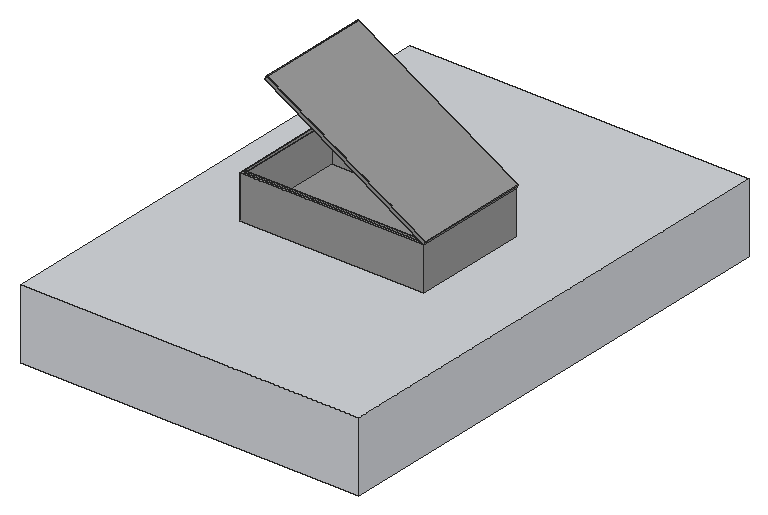
Revit family "Hager-Univers-IP54-D205-H500-Cl.I-Encl-CH-it", category Equipement électrique, Revit 2020
Family settings
  Hôte = Face
  Configuration du panneau = Deux colonnes, circuits au sein
  Cote de connecteur circulaire = Utiliser le diamètre
  Type d'élément = Tableau de raccordement
  Couper avec des vides une fois chargée = Non
  Partagée = Non
  Point de calcul de pièce = Non
Parameters (values of type "A parete IP54 L800 A500 P205  - FP33TW2")
  Width Control [instance] = if([EF000008 - Larghezza] > Min Width, [EF000008 - Larghezza], Min Width)  # 800 mm
  Commentaires du type = [HG000003 - Gamma]  # "Univers"
  Thickness Door [instance] = if([EF009171 - spessore materiale porta/coperchio] > 3 mm, 3 mm, [EF009171 - spessore materiale porta/coperchio])  # 1 mm
  Seal Frame Offset [instance] = 17 mm  # constant formula
  Plinth Visibility [instance] = [HG000027 - Altezza dello zoccolo] > 0 mm  # no
  Model = ""
  Min Width [instance] = 100 mm  # constant formula
  Min Height [instance] = 100 mm  # constant formula
  Min Depth [instance] = (2 * [EF009170 - spessore materiale scatola]) + 1 mm  # 3 mm
  Internal Frame Depth [instance] = (Door System Depth * 0.5)  # 9 mm
  Height Control [instance] = if([EF000040 - Altezza] > Min Height, [EF000040 - Altezza], Min Height)  # 500 mm
  HG000027 - Altezza dello zoccolo = 0 mm
  HG000026 - A pavimento = no
  HG000024 - Altezza della sezione inferiore = 800 mm
  HG000023 - Custodia a doppia sezione = no
  HG000016 - Visibilità delle porte nella vista 3D [instance] = yes
  HG000015 - Visibilità attraverso la porta [instance] = no
  HG000014 - Porta destra [instance] = yes
  HG000013 - Porta sinistra [instance] = not([HG000014 - Porta destra])  # no
  HG000012 - Angolo di apertura della porta [instance] = 30.00°
  HG000010 - Porte asimmetriche = no
  HG000009 - Porta doppia a battente = no
  HG000006 - Ad incasso = no
  HG000004 - Codice produttore = "FP33TW2"
  HG000003 - Gamma = "Univers"
  HG000002 - Con porta = yes
  Frame Offset Bottom [instance] = 10 mm  # constant formula
  Frame Offset [instance] = 15 mm  # constant formula
  EF015940 - Coprire con rilascio di sovrapressione = no
  EF011959 - tipo di protezione (NEMA) = ""
  EF009554 - numero delle aperture per la piastra della flangia = 6
  Fabricant = "Hager"  # constant formula
  EF009212 - esecuzione coperchio = "EV000116 - chiuso"
  EF009171 - spessore materiale porta/coperchio = 1 mm
  EF009170 - spessore materiale scatola = 1 mm
  EF008873 - corrente nominale (In) = 250 A
  EF007800 - adatto per parafulmine = no
  EF006306 - con serratura = no
  EF006244 - coperchio/porta trasparente = no
  EF005474 - grado di protezione (IP) = "EV006419 - IP54"
  EF004464 - tipo di porta = "EV002646 - singolo"
  EF004427 - numero di moduli = 108
  EF004293 - resistenza agli urti = "EV006815 - IK09"
  EF003532 - adatto per uso esterno = no
  EF002950 - Numero moduli DIN = 36
  EF001613 - Integrità del circuito = "EV000494 - senza"
  EF001596 - Attacco Lampada = "EV000179 - acciaio"
  EF001131 - profondità interna = 205 mm
  EF001088 - possibilità di applicazione = yes
  EF000437 - numero di ingressi per conduttori = 6
  EF000339 - tipo di copertura = "EV001012 - coperchio"
  EF000266 - numero di file = 3
  EF000218 - profondità di incasso = 205 mm
  EF000118 - con piastra di montaggio = no
  EF000116 - numero RAL = "9010"
  EF000049 - profondità = 205 mm
  EF000040 - Altezza = 500 mm
  EF000008 - Larghezza = 800 mm
  EF000007 - colore = "EV000202 - bianco"
  EF000003 - Tipo di montaggio = "EV000384 - A parete"
  Door System Leaf Tolerance [instance] = 1.5 mm  # constant formula
  Door System Depth [instance] = 18 mm  # constant formula
  Door Height [instance] = Height Control - [HG000027 - Altezza dello zoccolo]  # 500 mm
  Depth Control [instance] = if([EF000049 - profondità] > Min Depth, [EF000049 - profondità], Min Depth)  # 205 mm
  Default Elevation = 0 mm
  Connector Offset [instance] = Height Control / 2  # 250 mm
  Bottom Top Plate Trim [instance] = 1.5 mm  # constant formula
  Plinth height Ctrl [instance] = if([HG000027 - Altezza dello zoccolo] > 0 mm, [HG000027 - Altezza dello zoccolo], 12 mm)  # 12 mm
Types (5, lengths in mm): name | Width Control | HG000004 - Codice produttore | EF009554 - numero delle aperture per la piastra della flangia | EF004464 - tipo di porta | EF004427 - numero di moduli | EF002950 - Numero moduli DIN | EF000437 - numero di ingressi per conduttori | EF000008 - Larghezza
  A parete IP54 L1050 A500 P205  - FP34TW2 | 1050 | "FP34TW2" | 8 | "EV003602 - doppio" | 144 | 48 | 8 | 1050
  A parete IP54 L1300 A500 P205  - FP35TW2 | 1300 | "FP35TW2" | 10 | "EV003602 - doppio" | 180 | 60 | 10 | 1300
  A parete IP54 L300 A500 P205  - FP31TW2 | 300 | "FP31TW2" | 2 | "EV002646 - singolo" | 36 | 12 | 2 | 300
  A parete IP54 L550 A500 P205  - FP32TW2 | 550 | "FP32TW2" | 4 | "EV002646 - singolo" | 72 | 24 | 4 | 550
  A parete IP54 L800 A500 P205  - FP33TW2 | 800 | "FP33TW2" | 6 | "EV002646 - singolo" | 108 | 36 | 6 | 800
Reference planes
  plane 1 "Center (Front/Back)": y = 0
  plane 2: z = 0
  plane 3 "Center (Left/Right)": x = 0
  plane 4: z = 205
  plane 5: y = 1
  plane 6: y = 250
  plane 7: y = 0
  plane 8: y = 500
  plane 9: z = 0
  plane 10: x = -385
  plane 11: x = 385
  plane 12: x = 384
  plane 13: x = -384
  plane 14: y = 499
  plane 15: x = -383
  plane 16: x = -400
  plane 17: x = 383
  plane 18: x = 400
  plane 19: x = 399
  plane 20: x = -399
  plane 21: y = 11
  plane 22: y = 500
  plane 23: y = 484
  plane 24: z = 187
  plane 25: z = 1
  plane 26: z = 186
  plane 27: z = 204
Forms (mm)
  Extrusion 1, solid
    sketch origin (0, 0, 0) x (1, 0, 0) y (0, 1, 0)
      loop
        line (-702.964, 1305) -> (-702.964, -811.445) -> (766.763, -811.445) -> (766.763, 1305) -> (-702.964, 1305)
    from 0 to -304.8
  Extrusion 2, solid, material "Hager_Steel_RAL7035_Light_Grey", visible <- "Plinth Visibility", detail levels medium+fine
    sketch origin (0, 0, 0) x (1, 0, 0) y (0, 1, 0)
      loop
        line (-400, 0) -> (400, 0) -> (400, 12) -> (-400, 12) -> (-400, 0)
    from 0 to 187
  Extrusion 3, solid, material "Hager_Steel_RAL7035_Light_Grey", detail levels medium+fine
    sketch origin (0, 0, 0) x (1, 0, 0) y (0, 1, 0)
      loop
        line (-400, 0) -> (400, 0) -> (400, 500) -> (-400, 500) -> (-400, 0)
    from 0 to 187
  Extrusion 4, void
    sketch origin (0, 0, 0) x (1, 0, 0) y (0, 1, 0)
      loop
        line (-399, 1) -> (399, 1) -> (399, 499) -> (-399, 499) -> (-399, 1)
    from 1 to 186
  Extrusion 5, void
    sketch origin (-381.607, -4572, 187) x (0, -1, 0) y (-1, 0, 0)
      loop
        line (-4583, 2.393) -> (-5056, 2.393) -> (-5056, -765.607) -> (-4583, -765.607) -> (-4583, 2.393)
    from 0 to 1 <- "EF009170 - spessore materiale scatola"
  Extrusion 6, solid, material "Hager_Steel_RAL7035_Light_Grey", detail levels fine
    sketch origin (0, 0, 187) x (1, 0, 0) y (0, 1, 0)
      loop
        line (-384, 484) -> (-384, 11) -> (384, 11) -> (384, 484) -> (-384, 484)
      loop
        line (-385, 10) -> (385, 10) -> (385, 485) -> (-385, 485) -> (-385, 10)
    from 0 to 9 <- "Internal Frame Depth"
  Extrusion 7, solid, material "Hager_Steel_RAL7035_Light_Grey", detail levels coarse
    sketch origin (0, 0, 0) x (1, 0, 0) y (0, 1, 0)
      loop
        line (-400, 0) -> (400, 0) -> (400, 500) -> (-400, 500) -> (-400, 0)
    from 0 to 205
  Sweep 8, void
    path in 3D
      loop
        line (-400, 12, 0) -> (400, 12, 0) -> (400, 12, 187) -> (-400, 12, 187) -> (-400, 12, 0)
    profile origin (-400, 12, 93.5) x (-1, 0, 0) y (0, -1, 0)
      loop
        line (0, 0) -> (0, 1.5) -> (-1.5, 1.5)
        arc (-1.5, 1.5) -> (-1.061, 0.439) -> (0, 0) r 1.5
Cuts and joins
  Extrusion 4, Extrusion 5 cuts Extrusion 3
  Sweep 8 cuts Extrusion 2
Lines and regions (mm)
  Masking region 1
    outline origin (0, 0, 0) x (1, 0, 0) y (0, 0, 1)
      loop
        line (-400, 205) -> (-400, 0) -> (400, 0) -> (400, 205) -> (-400, 205)
  Masking region 2, detail levels medium+fine
    outline origin (0, 140, 0) x (0, 1, 0) y (0, 0, 1)
      loop
        line (-140, 0) -> (360, 0) -> (360, 187) -> (-140, 187) -> (-140, 0)
  Masking region 3, not visible, detail levels medium+fine
    outline origin (0, 297.922, 0) x (0, 1, 0) y (0, 0, 1)
      loop
        line (-36.422, 0) -> (3.578, 0) -> (3.578, 194)
        arc (3.578, 194) -> (0.649, 201.071) -> (-6.422, 204) r 10
        line (-6.422, 204) -> (-36.422, 204) -> (-36.422, 0)
  Masking region 4, detail levels coarse
    outline origin (0, 0, 180) x (0, 1, 0) y (0, 0, 1)
      loop
        line (0, -180) -> (500, -180) -> (500, 25) -> (0, 25) -> (0, -180)
  Masking region 5, visible <- "Plinth Visibility", detail levels medium+fine
    outline origin (0, 52.24, 12.345) x (0, 0, -1) y (0, 1, 0)
      loop
        line (10.845, -40.24) -> (-173.155, -40.24)
        arc (-173.155, -40.24) -> (-173.594, -41.301) -> (-174.655, -41.74) r 1.5
        line (-174.655, -41.74) -> (-174.655, -52.24) -> (12.345, -52.24) -> (12.345, -41.74)
        arc (12.345, -41.74) -> (11.285, -41.301) -> (10.845, -40.24) r 1.5
  Masking region 6, detail levels medium+fine
    outline origin (-381.607, -4572, 187) x (-1, 0, 0) y (0, -1, 0)
      loop
        line (18.393, -5072) -> (18.393, -4572) -> (-781.607, -4572) -> (-781.607, -5072) -> (18.393, -5072)
  Masking region 7, visible <- "Plinth Visibility", detail levels medium+fine
    outline origin (-381.607, -4727, 187) x (-1, 0, 0) y (0, -1, 0)
      loop
        arc (16.893, -4739) -> (17.332, -4737.939) -> (18.393, -4737.5) r 1.5
        line (18.393, -4737.5) -> (18.393, -4727) -> (-781.607, -4727) -> (-781.607, -4737.5)
        arc (-781.607, -4737.5) -> (-780.546, -4737.939) -> (-780.107, -4739) r 1.5
        line (-780.107, -4739) -> (16.893, -4739)
  Masking region 8, detail levels coarse
    outline origin (-442.548, -4669.526, 187) x (-1, 0, 0) y (0, -1, 0)
      loop
        line (-42.548, -5169.526) -> (-42.548, -4669.526) -> (-842.548, -4669.526) -> (-842.548, -5169.526) -> (-42.548, -5169.526)
  sketch lines
    curve 1: line (-400, 12, 187) -> (-400, 12, 0)
    curve 2: line (400, 12, 187) -> (-400, 12, 187)
    curve 3: line (400, 12, 187) -> (400, 12, 0)
    curve 4: line (-400, 12, 0) -> (400, 12, 0)
Dimensions and locks
  "Depth Control": plane 4 to Extrusion 1
  "HG000027 - Altezza dello zoccolo": plane 1 "Center (Front/Back)" to plane 7
  "EF009170 - spessore materiale scatola": plane 5 to plane 7
  locked: connector elem to plane 3 "Center (Left/Right)"
  equal spacing: plane 8, plane 6, plane 7
  locked: connector elem to plane 6
  "EF009170 - spessore materiale scatola": plane 8 to plane 14
  "EF009170 - spessore materiale scatola": plane 10 to plane 13
  "EF009170 - spessore materiale scatola": plane 12 to plane 11
  "Frame Offset": plane 20 to plane 13
  "Frame Offset": plane 12 to plane 19
  "EF009170 - spessore materiale scatola": plane 16 to plane 20
  "EF009170 - spessore materiale scatola": plane 19 to plane 18
  "Seal Frame Offset": plane 16 to plane 15
  "Seal Frame Offset": plane 17 to plane 18
  "Frame Offset Bottom": plane 21 to plane 5
  "Frame Offset": plane 14 to plane 23
  equal spacing: plane 16, plane 3 "Center (Left/Right)", plane 18
  "Width Control": plane 16 to plane 18
  "EF009170 - spessore materiale scatola": plane 4 to plane 27
  "EF009170 - spessore materiale scatola": plane 24 to plane 26
  "EF009170 - spessore materiale scatola": plane 25 to level
  "Door System Depth": plane 4 to plane 24
  "Height Control": plane 1 "Center (Front/Back)" to Extrusion 7 sketch curve
  "Height Control": Masking region 4 sketch curve to plane 1 "Center (Front/Back)"
  "Height Control": plane 1 "Center (Front/Back)" to plane 22
  "Bottom Top Plate Trim": profile plane to Sweep 8 sketch curve
  "Bottom Top Plate Trim": Sweep 8 sketch curve to profile plane
  "Plinth height Ctrl": plane 1 "Center (Front/Back)" to Extrusion 2 sketch curve
  "Plinth height Ctrl": Masking region 5 sketch curve to plane 1 "Center (Front/Back)"
  "Plinth height Ctrl": plane 1 "Center (Front/Back)" to Masking region 7 sketch curve
  "Thickness Door": Extrusion 6 sketch curve to Extrusion 6 sketch curve  (x3)
  "Thickness Door": cut or joined group of Extrusion 3, Extrusion 4, Extrusion 5 to Extrusion 6 sketch curve
  radius of Masking region 3 sketch curve = 10 mm
  "Bottom Top Plate Trim": radius of Masking region 5 sketch curve  (x2)
  "Bottom Top Plate Trim": radius of Sweep 8 sketch curve
  "Bottom Top Plate Trim": radius of Masking region 7 sketch curve  (x2)
  aligned and locked: plane 2 to Extrusion 1
  aligned and locked: level to Extrusion 1
  aligned and locked: level to Masking region 1 sketch curve
  aligned and locked: Masking region 1 sketch curve to plane 18
  aligned and locked: Masking region 1 sketch curve to plane 16
  aligned and locked: plane 7 to Masking region 2 sketch curve
  aligned and locked: level to Masking region 3 sketch curve
  aligned and locked: Masking region 3 sketch curve to plane 27
  aligned and locked: level to Masking region 2 sketch curve
  aligned and locked: plane 1 "Center (Front/Back)" to Extrusion 2 sketch curve
  aligned and locked: Extrusion 3 sketch curve to plane 7
  aligned and locked: plane 16 to Extrusion 3 sketch curve
  aligned and locked: plane 18 to Extrusion 3 sketch curve
  aligned and locked: plane 20 to Extrusion 4 sketch curve
  aligned and locked: plane 19 to Extrusion 4 sketch curve
  aligned and locked: Extrusion 4 sketch curve to plane 5
  aligned and locked: Extrusion 4 to plane 25
  aligned and locked: plane 26 to Extrusion 4
  aligned and locked: plane 24 to Extrusion 3
  aligned and locked: Extrusion 5 sketch curve to plane 21
  aligned and locked: Extrusion 5 sketch curve to plane 13
  aligned and locked: Extrusion 5 sketch curve to plane 12
  aligned and locked: plane 18 to Extrusion 7 sketch curve
  aligned and locked: plane 1 "Center (Front/Back)" to Extrusion 7 sketch curve
  aligned and locked: plane 16 to Extrusion 7 sketch curve
  aligned and locked: plane 4 to Extrusion 7
  aligned and locked: Extrusion 7 to level
  aligned and locked: level to Masking region 4 sketch curve
  aligned and locked: Masking region 4 sketch curve to plane 1 "Center (Front/Back)"
  aligned and locked: Masking region 4 sketch curve to plane 4
  aligned and locked: nested 1 to level
  aligned and locked: nested 1 to plane 16
  aligned and locked: plane 8 to Extrusion 3 sketch curve
  aligned and locked: plane 23 to Extrusion 5 sketch curve
  aligned and locked: plane 14 to Extrusion 4 sketch curve
  aligned and locked: Masking region 2 sketch curve to plane 8
  aligned and locked: level to Masking region 5 sketch curve
  aligned and locked: plane 16 to Extrusion 2 sketch curve
  aligned and locked: plane 18 to Extrusion 2 sketch curve
  aligned and locked: Masking region 5 sketch curve to plane 24
  aligned and locked: Masking region 2 sketch curve to plane 24
  aligned and locked: plane 24 to Extrusion 2
  aligned and locked: profile plane to Sweep 8 sketch curve  (x2)
  aligned and locked: Masking region 6 sketch curve to plane 18
  aligned and locked: Masking region 6 sketch curve to plane 22
  aligned and locked: Masking region 6 sketch curve to plane 16
  aligned and locked: plane 8 to plane 22
  aligned and locked: Masking region 6 sketch curve to plane 7
  aligned and locked: Masking region 7 sketch curve to plane 16
  aligned and locked: Masking region 7 sketch curve to plane 1 "Center (Front/Back)"
  aligned and locked: Masking region 7 sketch curve to plane 18
  aligned and locked: Masking region 8 sketch curve to plane 1 "Center (Front/Back)"
  aligned and locked: Masking region 8 sketch curve to plane 18
  aligned and locked: Masking region 8 sketch curve to plane 22
  aligned and locked: Masking region 8 sketch curve to plane 16
  aligned and locked: nested 2 to plane 7
  aligned and locked: plane 3 "Center (Left/Right)" to nested 2
  aligned and locked: nested 2 to plane 24
  aligned and locked: Extrusion 6 sketch curve to cut or joined group of Extrusion 3, Extrusion 4, Extrusion 5  (x4)
Automatic sketch dimensions
  Extrusion 1 sketch curve to Extrusion 1 sketch curve = 1469.727 mm
  Extrusion 1 sketch curve to Extrusion 1 sketch curve = 2116.445 mm
  Masking region 1 sketch curve to plane 4 = 0 mm
  plane 6 to Masking region 3 sketch curve = 11.5 mm
  Masking region 3 sketch curve to Masking region 3 sketch curve = 30 mm
  Masking region 5 sketch curve to plane 1 "Center (Front/Back)" = 0 mm
Nested families
  nested 1: "Hager_Enclosure_Symbol" at (-400, 0, 0) x (1, 0, 0) z (0, -1, 0), Height <- "Depth Control", Width <- "Width Control", type "Hager_Enclosure_Symbol"
    with Width_Ctrl 800 mm, Width 800 mm, Height_Ctrl 205 mm, Height 205 mm, A_Width_Int 13.453 mm, A_Width 161.438 mm, A_Height_Ctrl 179.375 mm, A_Height 179.375 mm
  nested 2: "EC000058_Univers_Door" at (0, 0, 187) x (1, 0, 0) z (0, 1, 0), Leaf_Tolerance <- "Door System Leaf Tolerance", Angle <- "HG000012 - Angolo di apertura della porta", Door_Depth <- "Door System Depth", Door_Left <- "HG000013 - Porta sinistra", Transparent <- "EF006244 - coperchio/porta trasparente", Assymetrical <- "HG000010 - Porte asimmetriche", Width <- "Width Control", Clearance <- "HG000015 - Visibilità attraverso la porta", Double <- "HG000009 - Porta doppia a battente", 3d_Door <- "HG000016 - Visibilità delle porte nella vista 3D", Lock_Visibility <- "EF006306 - con serratura", Width_Ctrl <- "Width Control", Door_Right <- "HG000014 - Porta destra", Door <- "HG000002 - Con porta", Height <- "Door Height", Thickness <- "Thickness Door", type "EC000058_Univers_Door", detail levels medium+fine
    with min_wh 3 mm, Width_Ctrl 800 mm, Width 800 mm, Transparent no, Thickness 1 mm, Seal_Material Hager_Rubber, Lock_Visibility no, Lock_Material Hager_Plastic_RAL9005_Jet_Black, Leaf_Width 800 mm, Leaf_Tolerance_External_Sides 0 mm, Leaf_Tolerance 1.5 mm, Leaf_Offset 0 mm, Leaf_Height 497 mm, Leaf_2_Width 800 mm, Leaf_2_Offset 400 mm, Leaf_1_Width 800 mm, Leaf_1_Offset 400 mm, Height_Ctrl 500 mm, Height 500 mm, Glass_Material Hager_Glass, Double_Clearance_Ctrl no, Double no, Door_Right_Ctrl yes, Door_Right yes, Door_Material Hager_Steel_RAL7035_Light_Grey, Door_Left_Ctrl no, Door_Left no, Door_Depth 18 mm, Door yes, Clearance_Material Hager_Clearance, Clearance_Depth 800 mm, Clearance_Ctrl no, Clearance no, Assymetrical no, Angle 30.00°, 3d_Door yes
Connectors
  electrical at (0, 250, 0)
    settings: on plane 9, index 1, voltage 0 V, apparent load 0 VA, apparent load phase1 0 VA, apparent load phase2 0 VA, apparent load phase3 0 VA, power factor 1, load classification "Other", number of poles 1, system type 30, power factor state 1, is connector primary yes, connector utility no, sub classification motor no, connector description ""
Definition of nested family "EC000058_Univers_Door"
  Parameters (values of type "EC000058_Univers_Door")
    min_wh [instance] = (2 * Thickness) + 1 mm  # 11 mm
    Width_Ctrl [instance] = 400 mm
    Width [instance] = 500 mm
    Transparent [instance] = yes
    Thickness [instance] = 5 mm
    Seal_Material [instance] = none
    Lock_Visibility [instance] = yes
    Lock_Material [instance] = none
    Leaf_Width [instance] = if((Width_Ctrl - 2 * Leaf_Tolerance_External_Sides) > 0 mm, (Width_Ctrl - 2 * Leaf_Tolerance_External_Sides), min_wh)  # 400 mm
    Leaf_Tolerance_External_Sides [instance] = 0 mm  # constant formula
    Leaf_Tolerance [instance] = 1.5 mm
    Leaf_Offset [instance] = 0 mm  # constant formula
    Leaf_Height [instance] = if((Height_Ctrl - 2 * Leaf_Tolerance) > 0 mm, (Height_Ctrl - 2 * Leaf_Tolerance), min_wh)  # 497 mm
    Leaf_2_Width [instance] = if(and(and(Double, Assymetrical), Door_Left), (Leaf_Width / 3) - (Leaf_Tolerance / 2), if(and(and(Double, Assymetrical), Door_Right), (Leaf_Width / 3) * 2 - (Leaf_Tolerance / 2), if(and(Double, not(Assymetrical)), (Leaf_Width / 2) - Leaf_Tolerance, Leaf_Width)))  # 400 mm
    Leaf_2_Offset [instance] = if(and(Double, Assymetrical), Leaf_2_Width / 2, if(and(Double, not(Assymetrical)), Leaf_Width / 4, Leaf_Width / 2))  # 200 mm
    Leaf_1_Width [instance] = if(and(and(Double, Assymetrical), Door_Right), (Leaf_Width / 3) - (Leaf_Tolerance / 2), if(and(and(Double, Assymetrical), Door_Left), (Width / 3) * 2 - (Leaf_Tolerance / 2), if(and(Double, not(Assymetrical)), (Leaf_Width / 2) - Leaf_Tolerance, Leaf_Width)))  # 400 mm
    Leaf_1_Offset [instance] = if(and(Double, Assymetrical), Leaf_1_Width / 2, if(and(Double, not(Assymetrical)), Leaf_Width / 4, Leaf_Width / 2))  # 200 mm
    Height_Ctrl [instance] = if(Height > min_wh, Height, min_wh)  # 500 mm
    Height [instance] = 500 mm
    Glass_Material [instance] = none
    Double_Clearance_Ctrl [instance] = and(Double, Clearance)  # no
    Double [instance] = no
    Door_Right_Ctrl [instance] = and(or(Door_Right, Double), Door)  # yes
    Door_Right [instance] = yes
    Door_Material [instance] = none
    Door_Left_Ctrl [instance] = and(or(Door_Left, Double), Door)  # no
    Door_Left [instance] = no
    Door_Depth [instance] = 30 mm
    Door [instance] = yes
    Default Elevation = 1219.2 mm
    Clearance_Material [instance] = none
    Clearance_Depth [instance] = if(Leaf_1_Width > Leaf_2_Width, Leaf_1_Width, Leaf_2_Width)  # 400 mm
    Clearance_Ctrl [instance] = and(not(Double), Clearance)  # yes
    Clearance [instance] = yes
    Assymetrical [instance] = yes
    Angle [instance] = 30.00°
    3d_Door [instance] = yes
  Reference planes
    plane 1 "Center (Front/Back)": y = 0
    plane 2 "Bottom": z = 0
    plane 3 "Center (Left/Right)": x = 0
    plane 4: z = 500
    plane 5: x = -200
    plane 6: x = 200
    plane 7: z = 500
    plane 8: x = -200
    plane 9: z = 0
    plane 10: x = 200
    plane 11: y = 0
    plane 12: z = 1.5
    plane 13: x = -600
    plane 14: y = -400
    plane 15: x = 600
    plane 16: x = 0
    plane 17: x = 0
    plane 18: x = -200
    plane 19: x = 200
    plane 20: z = 498.5
  Forms (mm)
    Extrusion 1, solid, material <- "Clearance_Material", visible <- "Double_Clearance_Ctrl"
      sketch origin (1200, 0, 0) x (1, 0, 0) y (0, 0, -1)
        loop
          line (-1800, -498.5) -> (-600, -498.5) -> (-600, 0) -> (-1800, 0) -> (-1800, -498.5)
      from 0 to -400
  Dimensions and locks
    equal spacing: plane 5, plane 3 "Center (Left/Right)", plane 6
    "Width_Ctrl": plane 5 to plane 6
    "Leaf_Offset": plane 5 to plane 8
    "Leaf_Offset": plane 6 to plane 10
    "Leaf_Offset": plane 9 to level
    "Leaf_Offset": plane 4 to plane 7
    "Height_Ctrl": plane 4 to level
    "Leaf_Tolerance": plane 12 to plane 9
    locked: plane 11 to plane 1 "Center (Front/Back)"
    "Leaf_1_Offset": plane 18 to plane 16
    "Leaf_2_Offset": plane 17 to plane 19
    "Leaf_1_Width": plane 13 to plane 8
    "Leaf_2_Width": plane 10 to plane 15
    "Clearance_Depth": plane 14 to plane 1 "Center (Front/Back)"
    "Leaf_Tolerance_External_Sides": plane 8 to plane 18
    "Leaf_Tolerance_External_Sides": plane 19 to plane 10
    "Leaf_Tolerance": plane 7 to plane 20
    aligned and locked: level to plane 2 "Bottom"
    aligned and locked: nested 1 to plane 16
    aligned and locked: nested 2 to plane 17
    aligned and locked: Extrusion 1 to plane 13
    aligned and locked: plane 15 to Extrusion 1
    aligned and locked: Extrusion 1 to plane 14
    aligned and locked: plane 12 to nested 1
    aligned and locked: nested 2 to plane 12
    aligned and locked: Extrusion 1 to plane 11
    aligned and locked: plane 20 to Extrusion 1
    aligned and locked: nested 2 to plane 11
    aligned and locked: nested 1 to plane 11
  Automatic sketch dimensions
    Extrusion 1 sketch curve to level = 0 mm
    plane 5 to Extrusion 1 sketch curve = 400 mm
    plane 6 to Extrusion 1 sketch curve = 400 mm
    Extrusion 1 sketch curve to plane 4 = 1.5 mm
  Nested families
    nested 1: "EC000058_Univers_Door_Leaf" at (0, 0, 1.5), Width <- "Leaf_1_Width", visible <- "Door_Left_Ctrl", Leaf_Height <- "Leaf_Height", Angle <- "Angle", 3d_Door <- "3d_Door", Transparent <- "Transparent", Clearance Material <- "Clearance_Material", Clearance <- "Clearance_Ctrl", Door_Material <- "Door_Material", Glass_Material <- "Glass_Material", Door_Depth <- "Door_Depth", Lock_Material <- "Lock_Material", Seal_Material <- "Seal_Material", Lock_Visibility <- "Lock_Visibility", Thickness <- "Thickness", type "EC000058_Univers_Door_Leaf"
      with Width 400 mm, Transparent_Glass_Offset 30 mm, Transparent_Ctrl yes, Transparent yes, Thickness 5 mm, Standard no, Seal_Material none, Seal_D2 8 mm, Seal_D1 1 mm, Offset_Internal_Frame 10 mm, Lock_Width 20 mm, Lock_Visibility_3d yes, Lock_Visibility yes, Lock_Thickness_3 3 mm, Lock_Thickness_2 1 mm, Lock_Thickness_1 3 mm, Lock_Radius_Offset_2 16 mm, Lock_Radius_Offset_1 15 mm, Lock_Radius_2 5 mm, Lock_Radius 6 mm, Lock_Offset 5 mm, Lock_Material none, Lock_Height 80 mm, Lock_Cover_Top_Offset_2d 17 mm, Lock_Cover_Height -65 mm, Leaf_Height 497 mm, Internal_Seal_Thickness 8 mm, Internal_Seal_Depth_2 4.5 mm, Internal_Frame_Depth 25 mm, Glass_Thickness -1 mm, Glass_Offset -2 mm, Glass_Material none, Door_Material none, Door_Depth 30 mm, Clearance Material none, Clearance yes, Angle_Ctrl 30.00°, Angle 30.00°, 3d_Door yes
    nested 2: "EC000058_Univers_Door_Leaf" at (0, 0, 1.5) x (-1, 0, 0) z (0, 0, 1), Width <- "Leaf_2_Width", visible <- "Door_Right_Ctrl", Leaf_Height <- "Leaf_Height", Angle <- "Angle", 3d_Door <- "3d_Door", Transparent <- "Transparent", Clearance Material <- "Clearance_Material", Clearance <- "Clearance_Ctrl", Door_Material <- "Door_Material", Glass_Material <- "Glass_Material", Door_Depth <- "Door_Depth", Lock_Material <- "Lock_Material", Seal_Material <- "Seal_Material", Lock_Visibility <- "Lock_Visibility", Thickness <- "Thickness", type "EC000058_Univers_Door_Leaf"
      with Width 400 mm, Transparent_Glass_Offset 30 mm, Transparent_Ctrl yes, Transparent yes, Thickness 5 mm, Standard no, Seal_Material none, Seal_D2 8 mm, Seal_D1 1 mm, Offset_Internal_Frame 10 mm, Lock_Width 20 mm, Lock_Visibility_3d yes, Lock_Visibility yes, Lock_Thickness_3 3 mm, Lock_Thickness_2 1 mm, Lock_Thickness_1 3 mm, Lock_Radius_Offset_2 16 mm, Lock_Radius_Offset_1 15 mm, Lock_Radius_2 5 mm, Lock_Radius 6 mm, Lock_Offset 5 mm, Lock_Material none, Lock_Height 80 mm, Lock_Cover_Top_Offset_2d 17 mm, Lock_Cover_Height -65 mm, Leaf_Height 497 mm, Internal_Seal_Thickness 8 mm, Internal_Seal_Depth_2 4.5 mm, Internal_Frame_Depth 25 mm, Glass_Thickness -1 mm, Glass_Offset -2 mm, Glass_Material none, Door_Material none, Door_Depth 30 mm, Clearance Material none, Clearance yes, Angle_Ctrl 30.00°, Angle 30.00°, 3d_Door yes
  Definition of nested family "EC000058_Univers_Door_Leaf"
    Parameters (values of type "EC000058_Univers_Door_Leaf")
      Width [instance] = 2000 mm
      Transparent_Glass_Offset [instance] = 30 mm
      Transparent_Ctrl [instance] = and(Transparent, [3d_Door])  # yes
      Transparent [instance] = yes
      Thickness [instance] = 5 mm
      Standard [instance] = and(not(Transparent), [3d_Door])  # no
      Seal_Material [instance] = none
      Seal_D2 [instance] = 8 mm  # constant formula
      Seal_D1 [instance] = 1 mm  # constant formula
      Offset_Internal_Frame [instance] = 10 mm  # constant formula
      Lock_Width [instance] = 20 mm  # constant formula
      Lock_Visibility_3d [instance] = and(Lock_Visibility, [3d_Door])  # yes
      Lock_Visibility [instance] = yes
      Lock_Thickness_3 [instance] = 3 mm  # constant formula
      Lock_Thickness_2 [instance] = 1 mm  # constant formula
      Lock_Thickness_1 [instance] = 3 mm  # constant formula
      Lock_Radius_Offset_2 [instance] = Lock_Radius_Offset_1 + 1 mm  # 16 mm
      Lock_Radius_Offset_1 [instance] = 15 mm  # constant formula
      Lock_Radius_2 [instance] = Lock_Radius - 1 mm  # 5 mm
      Lock_Radius [instance] = 6 mm  # constant formula
      Lock_Offset [instance] = 5 mm  # constant formula
      Lock_Material [instance] = none
      Lock_Height [instance] = 80 mm  # constant formula
      Lock_Cover_Top_Offset_2d [instance] = Lock_Radius_Offset_2 + 1 mm  # 17 mm
      Lock_Cover_Height [instance] = -(Lock_Height - Lock_Radius_Offset_1)  # -65 mm
      Leaf_Height [instance] = 2720.336 mm
      Internal_Seal_Thickness [instance] = 8 mm  # constant formula
      Internal_Seal_Depth_2 [instance] = 4.5 mm  # constant formula
      Internal_Frame_Depth [instance] = if(Door_Depth - Thickness > 5 mm, Door_Depth - Thickness, 5 mm)  # 25 mm
      Glass_Thickness [instance] = if(Thickness > 15 mm, Glass_Offset + 10 mm, -1 mm)  # -1 mm
      Glass_Offset [instance] = if(Thickness > 15 mm, -(Thickness + 10 mm) / 2, -2 mm)  # -2 mm
      Glass_Material [instance] = none
      Door_Material [instance] = none
      Door_Depth [instance] = 30 mm
      Default Elevation = 0 mm
      Clearance Material [instance] = none
      Clearance [instance] = yes
      Angle_Ctrl [instance] = if(Angle > 180.00°, 180.00°, Angle)  # 90.00°
      Angle [instance] = 90.00°
      3d_Door [instance] = yes
    Reference planes
      plane 1 "Center (Front/Back)": y = 0
      plane 2: z = 0
      plane 3 "Center (Left/Right)": x = 0
      plane 4: y = 2000
      plane 5: x = -1000
      plane 6: x = 1000
      plane 7: x = -3000
      plane 8: z = 2720.336
      plane 9: z = 30
      plane 10: z = 2690.336
      plane 11: x = 970
      plane 12: x = -970
      plane 13: y = -3
      plane 14: z = 107.833
      plane 15: y = -5
      plane 16: y = -223.314
      plane 17: x = -1000
      plane 18: z = 1360.168
      plane 19: y = 30
    Forms (mm)
      Extrusion 1, solid, material <- "Clearance Material", visible <- "Clearance"
        sketch origin (0, 0, 0) x (1, 0, 0) y (0, 0, 1)
          loop
            line (-3000, 2720.336) -> (-3000, 0) -> (1000, 0) -> (1000, 2720.336) -> (-3000, 2720.336)
        from 0 to -2000
      Extrusion 2, solid, material <- "Door_Material", visible <- "Standard", detail levels medium+fine
        sketch origin (-1000, 0, 0) x (0, 1, 0) y (-1, 0, 0)
          loop
            line (0, 30) -> (0, 25) -> (2000, 25) -> (2000, 30) -> (0, 30)
        from 0 to 2720.336 <- "Leaf_Height"
      Extrusion 3, solid, material <- "Door_Material", visible <- "Transparent_Ctrl", detail levels medium+fine
        sketch origin (-1000, 0, 0) x (0, 1, 0) y (-1, 0, 0)
          loop
            line (0, 25) -> (2000, 25) -> (2000, 30) -> (0, 30) -> (0, 25)
        from 0 to 2720.336 <- "Leaf_Height"
      Extrusion 4, void
        sketch origin (-1025, 2000, 0) x (0, 1, 0) y (0, 0, -1)
          loop
            line (-30, -2690.336) -> (-30, -30) -> (-1970, -30) -> (-1970, -2690.336) -> (-30, -2690.336)
        from 0 to 5 <- "Thickness"
      Sweep 5, solid, material <- "Seal_Material", visible <- "Transparent_Ctrl", detail levels fine
        path in 3D
          loop
            line (-1025, 30, 30) -> (-1025, 30, 2690.336) -> (-1025, 1970, 2690.336) -> (-1025, 1970, 30) -> (-1025, 30, 30)
        profile origin (-1025, 1000, 30) x (1, 0, 0) y (0, 0, 1)
          loop
            line (0, 0) -> (0, -8) -> (1, -8) -> (1, 0) -> (0, 0)
      Extrusion 6, solid, material <- "Glass_Material", visible <- "Transparent_Ctrl", detail levels medium+fine
        sketch origin (-1030, 0, 0) x (0, 1, 0) y (0, 0, -1)
          loop
            line (1970, -2690.336) -> (1970, -30) -> (30, -30) -> (30, -2690.336) -> (1970, -2690.336)
        from -2 <- "Glass_Offset" to -1 <- "Glass_Thickness"
      Extrusion 7, solid, material <- "Door_Material", visible <- "3d_Door", detail levels medium+fine
        sketch origin (-1025, 2000, 0) x (0, -1, 0) y (0, 0, -1)
          loop
            line (0, -2720.336) -> (2000, -2720.336) -> (2000, 0) -> (0, 0) -> (0, -2720.336)
          loop
            line (1995, -5) -> (5, -5) -> (5, -2715.336) -> (1995, -2715.336) -> (1995, -5)
        from 0 to 25 <- "Internal_Frame_Depth"
      Sweep 8, solid, material <- "Seal_Material", visible <- "Transparent_Ctrl", detail levels fine
        path in 3D
          loop
            line (-1025, 0, 0) -> (-1025, 2000, 0) -> (-1025, 2000, 2720.336) -> (-1025, 0, 2720.336) -> (-1025, 0, 0)
        profile origin (-1025, 0, 1360.168) x (1, 0, 0) y (0, 1, 0)
          loop
            line (0, 10) -> (2.975, 10)
            arc (2.975, 10) -> (4.053, 10.447) -> (4.5, 11.525) r 1.525
            line (4.5, 11.525) -> (4.5, 16.527)
            arc (4.5, 16.527) -> (4.069, 17.569) -> (3.027, 18) r 1.473
            line (3.027, 18) -> (0, 18) -> (0, 10)
      Extrusion 9, solid, material <- "Lock_Material", visible <- "Lock_Visibility_3d", detail levels fine
        sketch origin (-1030, 0, 0) x (0, 1, 0) y (0, 0, -1)
          loop
            arc (1993.5, -1400.168) -> (1994.561, -1399.729) -> (1995, -1398.668) r 1.5
            line (1995, -1398.668) -> (1995, -1320.168) -> (1975, -1320.168) -> (1975, -1398.668)
            arc (1975, -1398.668) -> (1975.439, -1399.729) -> (1976.5, -1400.168) r 1.5
            line (1976.5, -1400.168) -> (1993.5, -1400.168)
        from 3 <- "Lock_Thickness_1" to 0
      Blend 10, solid, material <- "Lock_Material", visible <- "Lock_Visibility_3d", detail levels fine
        base sketch origin (-1033, 0, 0) x (0, 1, 0) y (0, 0, -1)
          loop
            line (1975, -1320.168) -> (1975, -1398.668)
            arc (1975, -1398.668) -> (1975.439, -1399.729) -> (1976.5, -1400.168) r 1.5
            line (1976.5, -1400.168) -> (1993.5, -1400.168)
            arc (1993.5, -1400.168) -> (1994.561, -1399.729) -> (1995, -1398.668) r 1.5
            line (1995, -1398.668) -> (1995, -1320.168) -> (1975, -1320.168)
        top sketch origin (-1033, 0, 0) x (0, 1, 0) y (0, 0, -1)
          loop
            line (1976, -1320.168) -> (1976, -1398.668)
            arc (1976, -1398.668) -> (1976.146, -1399.022) -> (1976.5, -1399.168) r 0.5
            line (1976.5, -1399.168) -> (1993.5, -1399.168)
            arc (1993.5, -1399.168) -> (1993.854, -1399.022) -> (1994, -1398.668) r 0.5
            line (1994, -1398.668) -> (1994, -1320.168) -> (1976, -1320.168)
        from 0 to 1 <- "Lock_Thickness_2"
      Blend 11, solid, material <- "Lock_Material", visible <- "Lock_Visibility_3d", detail levels fine
        base sketch origin (-1034, 0, 0) x (0, 1, 0) y (0, 0, -1)
          loop
            line (1978, -1320.168) -> (1978, -1384.168)
            arc (1978, -1384.168) -> (1985, -1391.168) -> (1992, -1384.168) r 7
            line (1992, -1384.168) -> (1992, -1320.168) -> (1978, -1320.168)
        top sketch origin (-1034, 0, 0) x (0, 1, 0) y (0, 0, -1)
          loop
            line (1991, -1320.168) -> (1979, -1320.168) -> (1979, -1383.168)
            arc (1979, -1383.168) -> (1985, -1389.168) -> (1991, -1383.168) r 6
            line (1991, -1383.168) -> (1991, -1320.168)
        from 0 to 3 <- "Lock_Thickness_3"
      Extrusion 12, solid, material <- "Lock_Material", visible <- "Lock_Visibility_3d", detail levels fine
        sketch origin (-1030, 1975, 1320.168) x (1, 0, 0) y (0, -1, 0)
          loop
            line (-7, -19) -> (-7, -1) -> (0, -1) -> (0, 0) -> (-8, 0) -> (-8, -20) -> (0, -20) -> (0, -19) -> (-7, -19)
        from 0 to -65 <- "Lock_Cover_Height"
      Extrusion 13, void
        sketch origin (-1038, 1995, 1320.168) x (-1, 0, 0) y (0, 0, -1)
          loop
            line (-5, -65) -> (0, -65) -> (-5, -60) -> (-5, -65)
        from 0 to 20 <- "Lock_Width"
      Extrusion 14, void
        sketch origin (-1038, 1975, 1320.168) x (0, -1, 0) y (0, 0, -1)
          loop
            circle (-10, -15.995) r 6
          loop
            circle (-10, -15.995) r 5
        from 0 to 2
      Extrusion 15, solid, material <- "Lock_Material", visible <- "Lock_Visibility_3d", detail levels medium
        sketch origin (-1030, 0, 0) x (0, 1, 0) y (0, 0, -1)
          loop
            arc (1993.5, -1400.168) -> (1994.561, -1399.729) -> (1995, -1398.668) r 1.5
            line (1995, -1398.668) -> (1995, -1320.168) -> (1975, -1320.168) -> (1975, -1398.668)
            arc (1975, -1398.668) -> (1975.439, -1399.729) -> (1976.5, -1400.168) r 1.5
            line (1976.5, -1400.168) -> (1993.5, -1400.168)
        from 8 to 0
    Cuts and joins
      Extrusion 4 cuts Extrusion 3
      Extrusion 13, Extrusion 14 cuts Extrusion 9
      Extrusion 14 cuts Blend 11
      Extrusion 13, Extrusion 14 cuts Extrusion 12
      joined: Extrusion 9, Blend 10, Blend 11, Extrusion 12
      Extrusion 14 cuts Extrusion 15
    Lines and regions (mm)
      Masking region 1, visible <- "Lock_Visibility", detail levels fine
        outline origin (0, 0, 0) x (0, 1, 0) y (0, 0, 1)
          loop
            line (30, 1320.168) -> (33, 1320.168) -> (33, 1400.168) -> (30, 1400.168) -> (30, 1320.168)
      Masking region 2, visible <- "Lock_Visibility", detail levels fine
        outline origin (0, 3.143, 0) x (0, 1, 0) y (0, 0, 1)
          loop
            line (29.857, 1354.168) -> (30.857, 1354.168) -> (30.857, 1366.168) -> (29.857, 1366.168) -> (29.857, 1354.168)
      Masking region 3, detail levels medium+fine
        outline origin (0, 0, 0) x (0, 1, 0) y (0, 0, 1)
          loop
            line (0, 0) -> (30, 0) -> (30, 2720.336) -> (0, 2720.336) -> (0, 0)
      Masking region 4, detail levels medium+fine
        outline origin (0, 0, 0) x (1, 0, 0) y (0, 0, 1)
          loop
            line (-1000, 2720.336) -> (-1000, 0) -> (1000, 0) -> (1000, 2720.336) -> (-1000, 2720.336)
      Masking region 5, visible <- "Lock_Visibility", detail levels fine
        outline origin (-47.116, 0, 0) x (1, 0, 0) y (0, 0, 1)
          loop
            arc (1024.616, 1399.168) -> (1023.556, 1398.729) -> (1023.116, 1397.668) r 1.5
            line (1023.116, 1397.668) -> (1023.116, 1320.168) -> (1041.116, 1320.168) -> (1041.116, 1397.668)
            arc (1041.116, 1397.668) -> (1040.677, 1398.729) -> (1039.616, 1399.168) r 1.5
            line (1039.616, 1399.168) -> (1024.616, 1399.168)
      Masking region 6, visible <- "Lock_Visibility", detail levels medium+fine
        outline origin (-25, 0, 0) x (1, 0, 0) y (0, 0, 1)
          loop
            arc (1001.5, 1400.168) -> (1000.439, 1399.729) -> (1000, 1398.668) r 1.5
            line (1000, 1398.668) -> (1000, 1320.168) -> (1020, 1320.168) -> (1020, 1398.668)
            arc (1020, 1398.668) -> (1019.561, 1399.729) -> (1018.5, 1400.168) r 1.5
            line (1018.5, 1400.168) -> (1001.5, 1400.168)
      Masking region 7, visible <- "Lock_Visibility", detail levels fine
        outline origin (-73.735, 0, 0) x (1, 0, 0) y (0, 0, 1)
          loop
            line (1051.735, 1382.168) -> (1065.735, 1382.168) -> (1065.735, 1384.168)
            arc (1065.735, 1384.168) -> (1058.735, 1391.168) -> (1051.735, 1384.168) r 7
            line (1051.735, 1384.168) -> (1051.735, 1382.168)
      Masking region 8, visible <- "Lock_Visibility", detail levels fine
        outline origin (-73.735, 0, 0) x (1, 0, 0) y (0, 0, 1)
          loop
            line (1052.735, 1382.168) -> (1064.735, 1382.168) -> (1064.735, 1383.168)
            arc (1064.735, 1383.168) -> (1058.735, 1389.168) -> (1052.735, 1383.168) r 6
            line (1052.735, 1383.168) -> (1052.735, 1382.168)
      Masking region 9, visible <- "Lock_Visibility", detail levels fine
        outline origin (-25, 0, 0) x (1, 0, 0) y (0, 0, 1)
          loop
            line (1020, 1320.168) -> (1020, 1382.168) -> (1000, 1382.168) -> (1000, 1320.168) -> (1020, 1320.168)
      Masking region 10, detail levels medium+fine
        outline origin (0, 0, 0) x (1, 0, 0) y (0, 0, 1)
          loop
            circle (985, 1335.144) r 6
      Masking region 11, detail levels fine
        outline origin (0, 0, 0) x (1, 0, 0) y (0, 0, 1)
          loop
            circle (985, 1335.144) r 5
      Masking region 12, visible <- "Lock_Visibility", detail levels fine
        outline origin (0, 12.767, 0) x (0, 1, 0) y (0, 0, 1)
          loop
            line (20.233, 1320.168) -> (21.233, 1320.168) -> (21.233, 1399.168) -> (20.233, 1400.168) -> (20.233, 1320.168)
      Masking region 13, visible <- "Lock_Visibility", detail levels fine
        outline origin (0, 13.767, -10) x (0, 1, 0) y (0, 0, 1)
          loop
            line (20.233, 1330.168) -> (23.233, 1330.168) -> (23.233, 1399.168) -> (20.233, 1402.168) -> (20.233, 1330.168)
      Masking region 14, visible <- "Lock_Visibility", detail levels fine
        outline origin (0, 12.767, -10) x (0, 1, 0) y (0, 0, 1)
          loop
            line (20.233, 1330.168) -> (25.233, 1330.168) -> (25.233, 1399.305) -> (20.233, 1394.305) -> (20.233, 1330.168)
      Masking region 15, visible <- "Lock_Visibility", detail levels medium
        outline origin (0, 0, 0) x (0, 1, 0) y (0, 0, 1)
          loop
            line (30, 1320.168) -> (38, 1320.168) -> (38, 1400.168) -> (30, 1400.168) -> (30, 1320.168)
      Masking region 16, visible <- "Lock_Visibility", detail levels fine
        outline origin (-1000, 0, 0) x (0, 1, 0) y (-1, 0, 0)
          loop
            line (1975, 30) -> (1995, 30) -> (1995, 38) -> (1975, 38) -> (1975, 30)
          loop
            line (1979, 37) -> (1976, 37) -> (1976, 34) -> (1978, 34) -> (1979, 37)
          loop
            line (1994, 37) -> (1991, 37) -> (1992, 34) -> (1994, 34) -> (1994, 37)
      Masking region 17, visible <- "Lock_Visibility", detail levels medium
        outline origin (-1000, 0, 0) x (0, 1, 0) y (-1, 0, 0)
          loop
            line (1975, 30) -> (1995, 30) -> (1995, 38) -> (1975, 38) -> (1975, 30)
      symbolic lines
        curve 1: line (1000, 0, 0) -> (-3000, 0, 0)
        curve 2: arc (1000, 0, 0) -> (-1000, 2000, 0) -> (-3000, 0, 0) r 2000
        curve 4: line (-1030, 0, 0) -> (-1030, 2000, 0)
      reference lines
        curve 3: line (-1000, 0, 0) -> (-1000, 2000, 0)
      symbolic lines, detail levels medium+fine
        curve 5: line (-1030, 2000, 0) -> (-1025, 2000, 0)
        curve 7: line (-1025, 0, 0) -> (-1030, 0, 0)
        curve 8: line (-1025, 0, 0) -> (-1000, 0, 0)
        curve 9: line (-1000, 0, 0) -> (-1000, 2000, 0)
        curve 10: line (-1000, 2000, 0) -> (-1025, 2000, 0)
      symbolic lines, detail levels fine
        curve 6: line (-1025, 2000, 0) -> (-1025, 0, 0)
      sketch lines
        curve 11: line (-1025, 0, 2720.336) -> (-1025, 0, 0)
        curve 12: line (-1025, 2000, 0) -> (-1025, 0, 0)
        curve 13: line (-1025, 2000, 2720.336) -> (-1025, 2000, 0)
        curve 14: line (-1025, 0, 2720.336) -> (-1025, 2000, 2720.336)
        curve 15: line (-1025, 1970, 30) -> (-1025, 30, 30)
        curve 16: line (-1025, 30, 30) -> (-1025, 30, 2690.336)
        curve 17: line (-1025, 1970, 2690.336) -> (-1025, 1970, 30)
        curve 18: line (-1025, 30, 2690.336) -> (-1025, 1970, 2690.336)
      symbolic lines, visible <- "Transparent", detail levels medium+fine
        curve 19: line (-970, 0, 2690.336) -> (970, 0, 2690.336)
        curve 20: line (-970, 0, 30) -> (-970, 0, 2690.336)
        curve 21: line (970, 0, 30) -> (-970, 0, 30)
        curve 22: line (970, 0, 2690.336) -> (970, 0, 30)
    Dimensions and locks
      "Width": plane 1 "Center (Front/Back)" to plane 4
      equal spacing: plane 5, plane 3 "Center (Left/Right)", plane 6
      "Width": plane 5 to plane 6
      "Width": plane 7 to plane 5
      "Leaf_Height": plane 8 to level
      "Width": curve 5 to curve 3
      "Width": curve 3 to curve 3
      plane 8 to plane 10 = 30 mm
      plane 9 to level = 30 mm
      plane 12 to plane 5 = 30 mm
      plane 6 to plane 11 = 30 mm
      Extrusion 1 to Extrusion 4 sketch curve = 30 mm
      "Transparent_Glass_Offset": curve 3 to Extrusion 4 sketch curve
      "Transparent_Glass_Offset": Extrusion 4 sketch curve to cut or joined group of Extrusion 3, Extrusion 4  (x2)
      cut or joined group of Extrusion 3, Extrusion 4 to Extrusion 6 sketch curve = 30 mm
      "Transparent_Glass_Offset": cut or joined group of Extrusion 3, Extrusion 4 to Extrusion 4 sketch curve
      "Thickness": curve 6 to curve 4
      "Thickness": Extrusion 7 sketch curve to Extrusion 7 sketch curve  (x4)
      "Door_Depth": curve 4 to curve 3
      "Offset_Internal_Frame": profile plane to Sweep 8 sketch curve
      "Internal_Seal_Thickness": Sweep 8 sketch curve to Sweep 8 sketch curve
      "Internal_Seal_Depth_2": profile plane to Sweep 8 sketch curve
      "Seal_D1": profile plane to Sweep 5 sketch curve
      "Seal_D2": profile plane to Sweep 5 sketch curve
      "Thickness": Extrusion 2 sketch curve to Extrusion 2 sketch curve
      equal spacing: Extrusion 9 sketch curve, plane 18, Extrusion 9 sketch curve  (x2)
      equal spacing: Masking region 1 sketch curve, plane 18, Masking region 1 sketch curve
      "Lock_Height": Masking region 1 sketch curve to Masking region 1 sketch curve
      "Lock_Radius": Masking region 2 sketch curve to plane 18 to Masking region 2 sketch curve
      Masking region 2 sketch curve to Masking region 1 = 1 mm
      "Door_Depth": plane 19 to plane 1 "Center (Front/Back)"
      "Lock_Thickness_1": Masking region 1 sketch curve to plane 19
      "Lock_Width": Extrusion 9 sketch curve to Extrusion 9 sketch curve
      "Lock_Height": Extrusion 9 sketch curve to Extrusion 9 sketch curve
      "Lock_Offset": cut or joined group of Extrusion 3, Extrusion 4 to Extrusion 9 sketch curve
      equal spacing: plane 8, plane 18, level
      "Lock_Radius_Offset_1": Blend 11 sketch curve to Blend 10
      locked: Blend 10 to Blend 11 sketch curve at 2  (x2)
      locked: var sketch to Blend 11 sketch curve at 1  (x2)
      "Lock_Radius_Offset_2": Blend 11 sketch curve to Blend 10
      locked: Extrusion 12 sketch curve to Extrusion 12 sketch curve at 1  (x3)
      Masking region 6 sketch curve to Masking region 6 sketch curve = 80 mm
      "Lock_Height": Masking region 6 sketch curve to Masking region 6 sketch curve
      "Lock_Width": Masking region 6 sketch curve to Masking region 6 sketch curve
      locked: Masking region 6 to Masking region 5 sketch curve at 1  (x3)
      locked: Masking region 5 to Masking region 7 sketch curve at 2  (x2)
      "Lock_Radius_Offset_1": Masking region 5 to Masking region 7 sketch curve
      "Lock_Radius_Offset_2": Masking region 5 to Masking region 8 sketch curve
      locked: Masking region 7 to Masking region 8 sketch curve at 1  (x2)
      "Lock_Cover_Top_Offset_2d": Masking region 5 to Masking region 9 sketch curve
      equal spacing: Masking region 9, Masking region 10 sketch curve, Masking region 9
      equal spacing: Masking region 9, Masking region 11 sketch curve, Masking region 9
      Extrusion 15 sketch curve to Extrusion 15 sketch curve = 80 mm
      "Lock_Width": Extrusion 15 sketch curve to Extrusion 15 sketch curve
      "Lock_Height": Extrusion 15 sketch curve to Extrusion 15 sketch curve
      equal spacing: Extrusion 15 sketch curve, plane 18, Extrusion 15 sketch curve
      "Lock_Thickness_3": Masking region 13 sketch curve to Masking region 13 sketch curve
      "Lock_Height": Masking region 12 sketch curve to Masking region 12 sketch curve
      locked: Masking region 13 sketch curve to Masking region 1 at 8
      locked: Masking region 14 sketch curve to Masking region 13 at 1
      locked: Masking region 14 sketch curve to Masking region 1 at 10.863
      "Lock_Height": Masking region 15 sketch curve to Masking region 15 sketch curve
      "Lock_Offset": Extrusion 15 sketch curve to cut or joined group of Extrusion 3, Extrusion 4
      "Lock_Offset": plane 6 to Masking region 6 sketch curve
      radius of Sweep 8 sketch curve = 1.525 mm
      radius of Sweep 8 sketch curve = 1.473 mm
      radius of Extrusion 9 sketch curve = 1.5 mm  (x2)
      "Lock_Radius": radius of Extrusion 14 sketch curve
      "Lock_Radius_2": radius of Extrusion 14 sketch curve
      "Lock_Radius": radius of Masking region 10 sketch curve
      "Lock_Radius_2": radius of Masking region 11 sketch curve
      radius of Extrusion 15 sketch curve = 1.5 mm  (x2)
      "Angle_Ctrl": angle plane 1 "Center (Front/Back)" to curve 3
      locked: Masking region 12 sketch curve to Masking region 12 sketch curve (angle 45.00°)
      locked: Masking region 13 sketch curve to Masking region 13 sketch curve (angle 45.00°)
      locked: Masking region 14 sketch curve to Masking region 14 sketch curve (angle 45.00°)
      aligned and locked: level to plane 2
      aligned and locked: Extrusion 1 to curve 1
      aligned and locked: plane 6 to Extrusion 1
      aligned and locked: Extrusion 1 to plane 1 "Center (Front/Back)"
      aligned and locked: plane 4 to Extrusion 1
      aligned and locked: plane 8 to Extrusion 1
      aligned and locked: curve 7 to Extrusion 2 sketch curve
      aligned and locked: curve 5 to Extrusion 2 sketch curve
      aligned and locked: curve 7 to Extrusion 3 sketch curve
      aligned and locked: Extrusion 3 sketch curve to curve 4
      aligned and locked: Extrusion 3 sketch curve to curve 6
      aligned and locked: Extrusion 3 sketch curve to curve 5
      aligned and locked: curve 9 to curve 3
      aligned and locked: Extrusion 7 sketch curve to cut or joined group of Extrusion 3, Extrusion 4  (x4)
      aligned and locked: plane 17 to curve 3
      aligned and locked: plane 1 "Center (Front/Back)" to curve 3
      aligned and locked: plane 17 to plane 5
      aligned and locked: Sweep 8 sketch curve to profile plane
      aligned and locked: Sweep 5 sketch curve to profile plane  (x2)
      aligned and locked: Masking region 1 to Masking region 2 sketch curve
      aligned and locked: plane 19 to Masking region 1 sketch curve
      aligned and locked: plane 1 "Center (Front/Back)" to Masking region 3 sketch curve
      aligned and locked: plane 19 to Masking region 3 sketch curve
      aligned and locked: level to Masking region 3 sketch curve
      aligned and locked: Masking region 3 sketch curve to plane 8
      aligned and locked: plane 17 to Masking region 4 sketch curve
      aligned and locked: level to Masking region 4 sketch curve
      aligned and locked: Masking region 4 sketch curve to plane 8
      aligned and locked: plane 12 to curve 20
      aligned and locked: plane 10 to curve 19
      aligned and locked: plane 11 to curve 22
      aligned and locked: curve 21 to plane 9
      aligned and locked: Extrusion 2 sketch curve to cut or joined group of Extrusion 3, Extrusion 4
      aligned and locked: Blend 10 sketch curve to Extrusion 9  (x4)
      aligned and locked: Extrusion 9 to Blend 10 sketch curve
      aligned and locked: Blend 10 to Blend 11 sketch curve
      aligned and locked: Extrusion 12 sketch curve to Blend 11
      aligned and locked: Extrusion 12 sketch curve to Extrusion 9  (x4)
      aligned and locked: Masking region 5 sketch curve to Masking region 6
      aligned and locked: Masking region 9 sketch curve to Masking region 6  (x3)
      aligned and locked: Masking region 12 sketch curve to Masking region 1
      aligned and locked: Masking region 13 sketch curve to Masking region 1
      aligned and locked: Masking region 12 to Masking region 14
      aligned and locked: Masking region 14 sketch curve to Masking region 1
      aligned and locked: Masking region 15 sketch curve to Masking region 14
      aligned and locked: Masking region 13 sketch curve to Masking region 12
      aligned and locked: Masking region 16 sketch curve to cut or joined group of Extrusion 14, Extrusion 15  (x4)
      aligned and locked: Masking region 16 sketch curve to cut or joined group of Extrusion 9, Blend 10, Blend 11, Extrusion 12, Extrusion 13, Extrusion 14  (x6)
      aligned and locked: cut or joined group of Extrusion 9, Blend 10, Blend 11, Extrusion 12, Extrusion 13, Extrusion 14 to Masking region 16 sketch curve
      aligned and locked: Masking region 17 sketch curve to cut or joined group of Extrusion 14, Extrusion 15  (x3)
      aligned and locked: Masking region 17 sketch curve to cut or joined group of Extrusion 9, Blend 10, Blend 11, Extrusion 12, Extrusion 13, Extrusion 14
      aligned and locked: Masking region 9 to Masking region 8 sketch curve
      aligned and locked: Masking region 9 to Masking region 7 sketch curve
    Automatic sketch dimensions
      plane 1 "Center (Front/Back)" to curve 2 = 0 mm
      curve 2 to plane 5 = 0 mm
      Extrusion 1 sketch curve to level = 0 mm
      Extrusion 1 sketch curve to plane 7 = 0 mm
      Extrusion 1 sketch curve to plane 6 = 0 mm
      Extrusion 1 sketch curve to plane 8 = 0 mm
      Extrusion 3 to Extrusion 6 sketch curve = 30 mm  (x4)
      Masking region 4 sketch curve to plane 6 = 0 mm
      Blend 10 sketch curve to Extrusion 9 = 1.5 mm
      Blend 10 sketch curve to Extrusion 9 = 1 mm
      Extrusion 13 sketch curve to Extrusion 12 = 0 mm  (x2)
      Extrusion 12 to Extrusion 13 sketch curve = 3 mm
      Extrusion 13 sketch curve to Extrusion 12 = 5 mm
      Extrusion 14 sketch curve to Extrusion 14 sketch curve = 0 mm  (x2)
      Extrusion 14 sketch curve to Extrusion 12 = 10 mm
      Extrusion 14 sketch curve to Extrusion 12 = 15.995 mm
      Masking region 5 sketch curve to Masking region 5 sketch curve = 1.5 mm  (x2)
      Masking region 10 sketch curve to plane 18 = 25.024 mm
      Masking region 11 sketch curve to plane 18 = 25.024 mm
      plane 19 to Masking region 14 sketch curve = 3 mm
      Masking region 16 sketch curve to Masking region 16 sketch curve = 3 mm
      curve 4 to curve 3 = 0 mm
      Blend 10 to Blend 11 sketch curve = 0 mm
      Masking region 6 sketch curve to Masking region 6 sketch curve = 1.5 mm  (x2)
      Masking region 6 sketch curve to plane 18 = 40 mm
      plane 19 to Masking region 12 sketch curve = 3 mm
      Masking region 12 sketch curve to Masking region 12 sketch curve = 1 mm
      Masking region 15 sketch curve to plane 19 = 0 mm
      Masking region 15 sketch curve to plane 18 = 40 mm
      radius of Blend 10 sketch curve to Extrusion 9 = 1 mm
Definition of nested family "Hager_Enclosure_Symbol"
  Parameters (values of type "Hager_Enclosure_Symbol")
    Width_Ctrl [instance] = if(Width > 1 mm, Width, 1 mm)  # 102.27 mm
    Width [instance] = 102.27 mm
    Height_Ctrl [instance] = if(Height > 1 mm, Height, 1 mm)  # 66.5 mm
    A_Width_Int [instance] = if(A_Width / 12 > 2 mm, A_Width / 12, 2 mm)  # 4.364 mm
    A_Width [instance] = if(A_Height_Ctrl * 0.9 > 2 mm, A_Height_Ctrl * 0.9, 2 mm)  # 52.369 mm
    A_Height_Ctrl [instance] = if(A_Height > 2 mm, A_Height, 2 mm)  # 58.188 mm
    Height [instance] = 66.5 mm
    A_Height [instance] = Height - (Height / 8)  # 58.188 mm
  Reference planes
    plane 1 "Centre (avant/arrière)": y = 0
    plane 2: z = 0
    plane 3 "Centre (gauche/droite)": x = 0
    plane 4: x = 52.369
    plane 5: y = 33.042
    plane 6: y = 41.77
    plane 7: y = 66.5
    plane 8: x = 26.184
    plane 9: y = 37.406
    plane 10: x = 102.27
    plane 11: y = 66.5
    plane 12: y = 8.313
  Lines and regions (mm)
    Filled region 1, type "Solid_Black", in view "Niveau de réf."
      outline origin (0, 0, 0) x (1, 0, 0) y (0, 1, 0)
        loop
          line (52.369, 66.5) -> (33.188, 54.536) -> (45.365, 45.006) -> (52.369, 66.5)
    Filled region 2, type "Solid_Black", in view "Niveau de réf."
      outline origin (0, 0, 0) x (1, 0, 0) y (0, 1, 0)
        loop
          line (0, 0) -> (102.27, 0) -> (102.27, 66.5) -> (0, 0)
    detail lines, in view "Niveau de réf."
      curve 1: line (0, 8.313, 0) -> (26.184, 41.77, 0)
      curve 2: line (26.184, 41.77, 0) -> (26.184, 33.042, 0)
      curve 3: line (26.184, 33.042, 0) -> (52.369, 66.5, 0)
  Dimensions and locks
    "A_Width": plane 3 "Centre (gauche/droite)" to plane 4
    equal spacing: plane 3 "Centre (gauche/droite)", plane 8, plane 4
    equal spacing: plane 6, plane 9, plane 5
    equal spacing: curve 3, Filled region 1 sketch curve, Filled region 1 sketch curve
    "Height_Ctrl": plane 1 "Centre (avant/arrière)" to plane 11
    "A_Height_Ctrl": plane 11 to plane 12
    equal spacing: plane 11, plane 9, plane 12
    "A_Width_Int": plane 6 to plane 9
    "Width_Ctrl": plane 3 "Centre (gauche/droite)" to plane 10
    angle Filled region 1 sketch curve to curve 3 = 20.00°
    angle curve 3 to Filled region 1 sketch curve = 20.00°
    locked: curve 3 to Filled region 1 sketch curve (angle 90.00°)
    aligned and locked: plane 10 to Filled region 2
    aligned and locked: plane 11 to Filled region 2 sketch curve
    aligned and locked: plane 10 to Filled region 2 sketch curve
    aligned and locked: plane 3 "Centre (gauche/droite)" to curve 1
    aligned and locked: plane 12 to curve 1
    aligned and locked: plane 7 to plane 11
  Automatic sketch dimensions
    Filled region 1 sketch curve to plane 4 = 0 mm
    Filled region 1 sketch curve to plane 7 = 0 mm
    plane 1 "Centre (avant/arrière)" to Filled region 2 sketch curve = 0 mm
    Filled region 2 sketch curve to plane 3 "Centre (gauche/droite)" = 0 mm
    curve 2 to plane 6 = 0 mm
    curve 2 to plane 8 = 0 mm
    curve 3 to plane 4 = 0 mm
    curve 2 to plane 5 = 0 mm
    curve 3 to plane 7 = 0 mm
